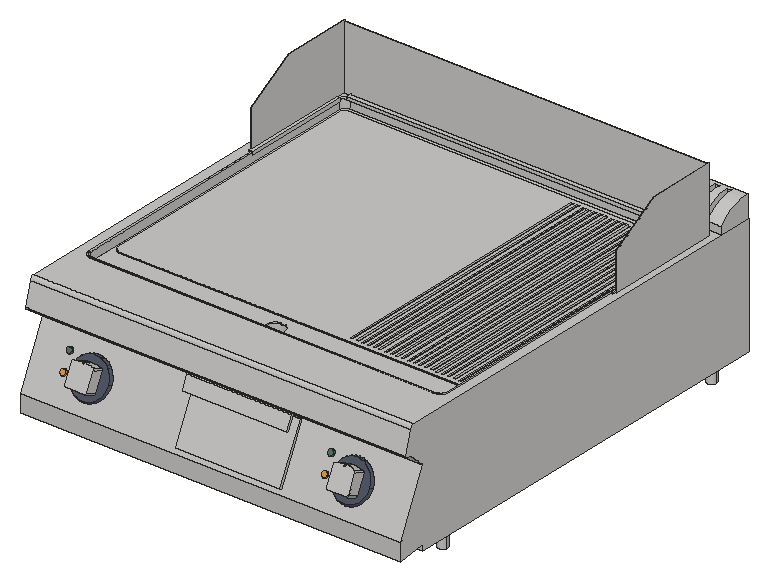
Revit family "QF_ZANUSSI_392358_Z9IIMDAOMEA", category Specialty Equipment, Revit 2018
Family settings
  Round Connector Dimension = Use Diameter
  Part Type = Normal
  Work Plane-Based = No
  Always vertical = Yes
  Cut with Voids When Loaded = No
  Shared = No
  Room Calculation Point = No
Parameters (values of type "Standard")
  Weight = 105.00 kg
  Watts = 0 W
  Volts = 380 V
  URL Manufacturer = "http://www.zanussiprofessional.com"
  URL = "http://www.zanussiprofessional.com"
  Steam Supply Size = 0"
  Steam Supply Minimum Pressure = 0.00 psi
  Steam Supply Maximum Pressure = 0.00 psi
  Steam Pounds per Hour = 0
  Show Logo [instance] = yes
  Show Clearance [instance] = yes
  Refrigeration Suction Line Size = 0"
  Refrigeration Liquid Line Size = 0"
  Refrigerant Compressor Remote = yes
  Phase = 3
  Model = "Z9IIMDAOMEA"
  Manufacturer = "Zanussi"
  Length Actual = 800 mm  # constant formula
  Item Number = "392358"
  Hot Water Size = 0"
  Height Actual = 250 mm  # constant formula
  HP = "20.1 HP"
  Gas Size = 0"
  Gas KW = 0
  Gas Input Pressure = 0.0 Btu/h
  Direct Waste Size = 0"
  Description = "ELECTRIC FRYTOP SMOOTH+RIBBED SLOPED 800MM-BRUSHED CHROME"
  Depth Actual = 900 mm  # constant formula
  Cycle = 60 Hz
  Condensate Return Size = 0"
  Compressed Air Volume = 0 GPM
  Compressed Air Size = 0"
  Compressed Air Pressure = 0.00 psi
  Cold Water Size = 0"
  Accessory = yes
Reference planes
  plane 1 "BACK": y = 0
  plane 2: z = 0
  plane 3 "LEFT": x = 0
  plane 4 "RIGHT": x = 800
  plane 5 "FRONT": y = -915
  plane 6 "TOP": z = 274
  plane 7 "Center Y": x = 400
  plane 8 "Center X": y = -457.5
  plane 9: y = -1045
  plane 10: z = 24
  plane 11: z = 290
  plane 12: z = 410
  plane 13: x = 11
  plane 14: x = 789
  plane 15: z = 900
Forms (mm)
  Extrusion 1, solid, material "QF_Finishes_Stainless Steel"
    sketch origin (0, 0, 626) x (0, 1, 0) y (0, 0, 1)
      loop
        line (0, 24) -> (0, 274) -> (-879.358, 274)
        arc (-879.358, 274) -> (-884.643, 271.811) -> (-886.833, 266.526) r 7.474
        line (-886.833, 266.526) -> (-899.884, 221.011)
        arc (-899.884, 221.011) -> (-899.396, 218.379) -> (-897, 217.184) r 3
        line (-897, 217.184) -> (-886.802, 217.184) -> (-854.982, 185.364) -> (-915, 64.508) -> (-915, 29.508) -> (-858.645, 37.428)
        arc (-858.645, 37.428) -> (-856.101, 36.674) -> (-855, 34.259) r 3.2
        line (-855, 34.259) -> (-855, 24) -> (0, 24)
    from 0 to 800
  Extrusion 2, solid, material "QF_Finishes_Stainless Steel"
    sketch origin (0, -1, 626) x (1, 0, 0) y (0, 1, 0)
      loop
        circle (11, -81) r 9.525
      loop
        circle (11, -789) r 9.525
      loop
        circle (789, -81) r 9.525
      loop
        circle (789, -789) r 9.525
    from 0 to 24
  Extrusion 3, solid, material "QF_Finishes_Stainless Steel"
    sketch origin (635, 190.152, 900) x (0, -1, 0) y (1, 0, 0)
      loop
        line (273.542, 147.97) -> (273.542, -617.97) -> (275.13, -617.97) -> (275.13, 147.97) -> (273.542, 147.97)
    from 0 to 135
  Extrusion 4, void
    sketch origin (0, 0, 900) x (0, -1, 0) y (1, 0, 0)
      loop
        arc (92.539, 37.03) -> (96.932, 26.423) -> (107.539, 22.03) r 15
        line (107.539, 22.03) -> (762.539, 22.03)
        arc (762.539, 22.03) -> (773.145, 26.423) -> (777.539, 37.03) r 15
        line (777.539, 37.03) -> (777.539, 762.97)
        arc (777.539, 762.97) -> (773.145, 773.577) -> (762.539, 777.97) r 15
        line (762.539, 777.97) -> (107.539, 777.97)
        arc (107.539, 777.97) -> (96.932, 773.577) -> (92.539, 762.97) r 15
        line (92.539, 762.97) -> (92.539, 37.03)
    from 0 to -21.588
  Sweep 5, solid, material "QF_Finishes_Stainless Steel"
    path origin (0, 0, 626) x (1, 0, 0) y (0, 1, 0)
      loop
        line (22.03, -107.539) -> (22.03, -762.539)
        arc (22.03, -762.539) -> (26.423, -773.145) -> (37.03, -777.539) r 15
        line (37.03, -777.539) -> (762.97, -777.539)
        arc (762.97, -777.539) -> (773.577, -773.145) -> (777.97, -762.539) r 15
        line (777.97, -762.539) -> (777.97, -107.539)
        arc (777.97, -107.539) -> (773.577, -96.932) -> (762.97, -92.539) r 15
        line (762.97, -92.539) -> (37.03, -92.539)
        arc (37.03, -92.539) -> (26.423, -96.932) -> (22.03, -107.539) r 15
    profile origin (22.03, -435.039, 626) x (1, 0, 0) y (0, 0, 1)
      loop
        line (0, 255) -> (1.588, 255) -> (1.588, 272.855)
        arc (1.588, 272.855) -> (1.147, 274.189) -> (0, 275) r 2.242
        line (0, 275) -> (0, 255)
  Extrusion 6, solid, material "QF_Finishes_Stainless Steel"
    sketch origin (0, 0, 626) x (1, 0, 0) y (0, 0, 1)
      loop
        line (17.03, 274.856) -> (23.926, 274.856) -> (23.926, 269.856) -> (25.514, 269.856) -> (25.514, 276.444) -> (17.03, 276.444) -> (17.03, 274.856)
      loop
        line (782.97, 274.856) -> (782.97, 276.444) -> (774.486, 276.444) -> (774.486, 269.856) -> (776.074, 269.856) -> (776.074, 274.856) -> (782.97, 274.856)
    from 105.541 to 335.39
  Extrusion 7, solid, material "QF_Finishes_Stainless Steel"
    sketch origin (0, 0, 626) x (0, 1, 0) y (0, 0, 1)
      loop
        line (-94.126, 269.856) -> (-94.126, 274.856) -> (-84.978, 274.856) -> (-84.978, 276.444) -> (-95.714, 276.444) -> (-95.714, 269.856) -> (-94.126, 269.856)
    from 32.03 to 767.97
  Extrusion 8, solid, material "QF_Finishes_Stainless Steel"
    sketch origin (0, 0, 650) x (-1, 0, 0) y (0, 1, 0)
      loop
        circle (-740, -584) r 6.35
    from 0 to 5
  Extrusion 9, solid, material "QF_Clearances", visible <- "Show Clearance", detail levels coarse
    sketch origin (0, 0, 626) x (1, 0, 0) y (0, 1, 0)
      loop
        line (0, 0) -> (800, 0) -> (800, -915) -> (900, -915) -> (900, 100) -> (-100, 100) -> (-100, -915) -> (0, -915) -> (0, 0)
    from 0 to 410
  Extrusion 10, solid, material "QF_Finishes_Stainless Steel"
    sketch origin (0, 0, 626) x (0, 1, 0) y (0, 0, 1)
      loop
        line (-777.539, 254) -> (-777.539, 252.413) -> (-92.539, 252.413) -> (-92.539, 254) -> (-777.539, 254)
    from 22.03 to 777.97
  Extrusion 11, void
    sketch origin (328.121, 0, 626) x (1, 0, 0) y (0, 1, 0)
      loop
        circle (71.879, -743.736) r 20
    from 235.859 to 256.719
  Extrusion 12, solid, material "QF_Finishes_Stainless Steel"
    sketch origin (0, 0, 626) x (0, 1, 0) y (0, 0, 1)
      loop
        line (-83.39, 410) -> (-227.89, 410) -> (-327.89, 352.265) -> (-327.89, 274) -> (-83.39, 274) -> (-83.39, 410)
    from 15.442 to 17.03
  Extrusion 13, solid, material "QF_Finishes_Stainless Steel"
    sketch origin (23.617, -107.539, 881) x (-1, 0, 0) y (0, 1, 0)
      loop
        arc (-18.413, -600) -> (-11.341, -597.071) -> (-8.413, -590) r 10
        line (-8.413, -590) -> (-8.413, -7.867)
        arc (-8.413, -7.867) -> (-11.341, -0.796) -> (-18.412, 2.133) r 10
        line (-18.412, 2.133) -> (-734.353, 2.133)
        arc (-734.353, 2.133) -> (-741.425, -0.796) -> (-744.353, -7.867) r 10
        line (-744.353, -7.867) -> (-744.353, -590)
        arc (-744.353, -590) -> (-741.425, -597.071) -> (-734.353, -600) r 10
        line (-734.353, -600) -> (-18.413, -600)
    from 0 to -2
  Extrusion 14, solid, material "QF_Finishes_Stainless Steel"
    sketch origin (800, 0, 626) x (0, 1, 0) y (0, 0, -1)
      loop
        line (-83.39, -410) -> (-83.39, -274) -> (-327.89, -274) -> (-327.89, -352.265) -> (-227.89, -410) -> (-83.39, -410)
    from 15.442 to 17.03
  Extrusion 15, solid, material "QF_Finishes_Stainless Steel"
    sketch origin (0, 0, 615.962) x (0, 1, 0) y (0, 0, 1)
      loop
        line (0, 284.038) -> (0, 331.354)
        arc (0, 331.354) -> (-38.768, 324.268) -> (-69.85, 300.038) r 82.671
        line (-69.85, 300.038) -> (-69.85, 284.038) -> (0, 284.038)
    from 0 to 400
  Extrusion 16, void
    sketch origin (0, 0, 890.6) x (0, -1, 0) y (1, 0, 0)
      loop
        line (6.761, 29.703) -> (63.911, 29.703) -> (63.911, 38.999) -> (6.761, 38.999) -> (6.761, 29.703)
      loop
        line (63.911, 64.487) -> (6.761, 64.487) -> (6.761, 55.191) -> (63.911, 55.191) -> (63.911, 64.487)
      loop
        line (63.911, 89.975) -> (6.761, 89.975) -> (6.761, 80.68) -> (63.911, 80.68) -> (63.911, 89.975)
      loop
        line (63.911, 115.464) -> (6.761, 115.464) -> (6.761, 106.168) -> (63.911, 106.168) -> (63.911, 115.464)
      loop
        line (63.911, 140.952) -> (6.761, 140.952) -> (6.761, 131.656) -> (63.911, 131.656) -> (63.911, 140.952)
      loop
        line (63.911, 166.44) -> (6.761, 166.44) -> (6.761, 157.145) -> (63.911, 157.145) -> (63.911, 166.44)
      loop
        line (63.911, 191.929) -> (6.761, 191.929) -> (6.761, 182.633) -> (63.911, 182.633) -> (63.911, 191.929)
      loop
        line (63.911, 217.417) -> (6.761, 217.417) -> (6.761, 208.121) -> (63.911, 208.121) -> (63.911, 217.417)
      loop
        line (63.911, 242.905) -> (6.761, 242.905) -> (6.761, 233.61) -> (63.911, 233.61) -> (63.911, 242.905)
      loop
        line (63.911, 268.394) -> (6.761, 268.394) -> (6.761, 259.098) -> (63.911, 259.098) -> (63.911, 268.394)
      loop
        line (63.911, 293.882) -> (6.761, 293.882) -> (6.761, 284.586) -> (63.911, 284.586) -> (63.911, 293.882)
      loop
        line (63.911, 319.37) -> (6.761, 319.37) -> (6.761, 310.075) -> (63.911, 310.075) -> (63.911, 319.37)
      loop
        line (63.911, 344.859) -> (6.761, 344.859) -> (6.761, 335.563) -> (63.911, 335.563) -> (63.911, 344.859)
      loop
        line (63.911, 370.347) -> (6.761, 370.347) -> (6.761, 361.051) -> (63.911, 361.051) -> (63.911, 370.347)
    from 25.4 to 63.5
  Extrusion 17, solid, material "QF_Finishes_Stainless Steel"
    sketch origin (800, 0, 615.962) x (0, 1, 0) y (0, 0, -1)
      loop
        line (0, -284.038) -> (-69.85, -284.038) -> (-69.85, -300.038)
        arc (-69.85, -300.038) -> (-38.626, -323.809) -> (0, -330.737) r 83.705
        line (0, -330.737) -> (0, -284.038)
    from 0 to 400
  Extrusion 18, void
    sketch origin (800, 0, 890.6) x (0, -1, 0) y (1, 0, 0)
      loop
        line (6.761, -29.703) -> (6.761, -38.999) -> (63.911, -38.999) -> (63.911, -29.703) -> (6.761, -29.703)
      loop
        line (63.911, -64.487) -> (63.911, -55.191) -> (6.761, -55.191) -> (6.761, -64.487) -> (63.911, -64.487)
      loop
        line (63.911, -89.975) -> (63.911, -80.68) -> (6.761, -80.68) -> (6.761, -89.975) -> (63.911, -89.975)
      loop
        line (63.911, -115.464) -> (63.911, -106.168) -> (6.761, -106.168) -> (6.761, -115.464) -> (63.911, -115.464)
      loop
        line (63.911, -140.952) -> (63.911, -131.656) -> (6.761, -131.656) -> (6.761, -140.952) -> (63.911, -140.952)
      loop
        line (63.911, -166.44) -> (63.911, -157.145) -> (6.761, -157.145) -> (6.761, -166.44) -> (63.911, -166.44)
      loop
        line (63.911, -191.929) -> (63.911, -182.633) -> (6.761, -182.633) -> (6.761, -191.929) -> (63.911, -191.929)
      loop
        line (63.911, -217.417) -> (63.911, -208.121) -> (6.761, -208.121) -> (6.761, -217.417) -> (63.911, -217.417)
      loop
        line (63.911, -242.905) -> (63.911, -233.61) -> (6.761, -233.61) -> (6.761, -242.905) -> (63.911, -242.905)
      loop
        line (63.911, -268.394) -> (63.911, -259.098) -> (6.761, -259.098) -> (6.761, -268.394) -> (63.911, -268.394)
      loop
        line (63.911, -293.882) -> (63.911, -284.586) -> (6.761, -284.586) -> (6.761, -293.882) -> (63.911, -293.882)
      loop
        line (63.911, -319.37) -> (63.911, -310.075) -> (6.761, -310.075) -> (6.761, -319.37) -> (63.911, -319.37)
      loop
        line (63.911, -344.859) -> (63.911, -335.563) -> (6.761, -335.563) -> (6.761, -344.859) -> (63.911, -344.859)
      loop
        line (63.911, -370.347) -> (63.911, -361.051) -> (6.761, -361.051) -> (6.761, -370.347) -> (63.911, -370.347)
    from 25.4 to 63.5
  Extrusion 19, solid, material "QF_Finishes_Stainless Steel"
    sketch origin (335, -214.132, 625.536) x (0, 1, 0) y (0, 0, 1)
      loop
        line (-640.85, 185.828) -> (-659.988, 204.966)
        arc (-659.988, 204.966) -> (-664.455, 206.368) -> (-668.159, 203.504) r 5.058
        line (-668.159, 203.504) -> (-680.821, 175.994) -> (-677.937, 174.666) -> (-665.275, 202.176)
        arc (-665.275, 202.176) -> (-663.896, 203.243) -> (-662.233, 202.721) r 1.883
        line (-662.233, 202.721) -> (-644.727, 185.215) -> (-698.248, 77.444) -> (-695.339, 76.105) -> (-640.85, 185.828)
    from -10 to 210
  Extrusion 20, solid, material "QF_Finishes_Drawer Clearance", visible <- "Show Clearance", detail levels coarse
    sketch origin (335, -315.732, 625.536) x (0, 1, 0) y (0, 0, 1)
      loop
        line (-726.36, 76.105) -> (-593.739, 76.105) -> (-539.25, 185.828) -> (-558.388, 204.966)
        arc (-558.388, 204.966) -> (-560.449, 206.215) -> (-562.855, 206.368) r 5.058
        line (-562.855, 206.368) -> (-695.476, 206.368)
        arc (-695.476, 206.368) -> (-697.679, 205.39) -> (-699.18, 203.504) r 5.058
        line (-699.18, 203.504) -> (-711.841, 175.994) -> (-708.957, 174.666) -> (-696.296, 202.176)
        arc (-696.296, 202.176) -> (-694.916, 203.243) -> (-693.253, 202.721) r 1.883
        line (-693.253, 202.721) -> (-675.748, 185.215) -> (-729.268, 77.444) -> (-726.36, 76.105)
    from -10 to 210
  Blend 21, solid, material "QF_Finishes_Navy Blue"
    base sketch origin (125, -884.991, 750.936) x (1, 0, 0) y (0, 0.444781, 0.895639)
      loop
        circle (0, 0) r 42.5
    top sketch origin (125, -884.991, 750.936) x (1, 0, 0) y (0, 0.444781, 0.895639)
      loop
        circle (0, 0) r 40.5
    from 0 to 5
  Extrusion 22, solid, material "QF_Finishes_Stainless Steel"
    sketch origin (125, -884.991, 750.936) x (1, 0, 0) y (0, 0.444781, 0.895639)
      loop
        arc (-21.147, 22.789) -> (-22.494, 21.685) -> (-23, 20.019) r 2.997
        line (-23, 20.019) -> (-23, -20.019)
        arc (-23, -20.019) -> (-22.122, -22.138) -> (-20.003, -23.016) r 2.997
        line (-20.003, -23.016) -> (20.003, -23.016)
        arc (20.003, -23.016) -> (22.122, -22.138) -> (23, -20.019) r 2.997
        line (23, -20.019) -> (23, 20.019)
        arc (23, 20.019) -> (22.494, 21.685) -> (21.147, 22.789) r 2.997
        arc (21.147, 22.789) -> (0, 26.984) -> (-21.147, 22.789) r 55.4
    from 10 to 34
  Extrusion 23, solid, material "QF_Finishes_Stainless Steel"
    sketch origin (125, -884.991, 750.936) x (1, 0, 0) y (0, 0.444781, 0.895639)
      loop
        line (17.5, 17.5) -> (-17.5, 17.5) -> (-17.5, -17.5) -> (17.5, -17.5) -> (17.5, 17.5)
    from 5 to 10
  Extrusion 24, solid, material "QF_Plastic-Black-Matte"
    sketch origin (67.5, -884.991, 750.936) x (0, 0.444781, 0.895639) y (0, 0.895639, -0.444781)
      loop
        line (26.984, -34) -> (23.984, -34) -> (23.984, -35) -> (26.984, -35)
        arc (26.984, -35) -> (27.691, -34.707) -> (27.984, -34) r 1
        line (27.984, -34) -> (27.984, -19) -> (26.984, -19) -> (26.984, -34)
    from -58.5 to -56.5
  Extrusion 25, solid, material "QF_Finishes_DarkGreen"
    sketch origin (125, -871.138, 778.831) x (1, 0, 0) y (0, 0.444781, 0.895639)
      loop
        circle (-55.001, 0) r 6
    from 0 to 1.6
  Extrusion 26, solid, material "QF_Finishes_Orange"
    sketch origin (125, -888.072, 744.733) x (1, 0, 0) y (0, 0.444781, 0.895639)
      loop
        circle (-55.001, 0) r 6
    from 0 to 1.6
  Blend 27, solid, material "QF_Finishes_Navy Blue"
    base sketch origin (675, -884.991, 750.936) x (1, 0, 0) y (0, 0.444781, 0.895639)
      loop
        circle (0, 0) r 42.5
    top sketch origin (675, -884.991, 750.936) x (1, 0, 0) y (0, 0.444781, 0.895639)
      loop
        circle (0, 0) r 40.5
    from 0 to 5
  Extrusion 28, solid, material "QF_Finishes_Stainless Steel"
    sketch origin (675, -884.991, 750.936) x (1, 0, 0) y (0, 0.444781, 0.895639)
      loop
        arc (-21.147, 22.789) -> (-22.494, 21.685) -> (-23, 20.019) r 2.997
        line (-23, 20.019) -> (-23, -20.019)
        arc (-23, -20.019) -> (-22.122, -22.138) -> (-20.003, -23.016) r 2.997
        line (-20.003, -23.016) -> (20.003, -23.016)
        arc (20.003, -23.016) -> (22.122, -22.138) -> (23, -20.019) r 2.997
        line (23, -20.019) -> (23, 20.019)
        arc (23, 20.019) -> (22.494, 21.685) -> (21.147, 22.789) r 2.997
        arc (21.147, 22.789) -> (0, 26.984) -> (-21.147, 22.789) r 55.4
    from 10 to 34
  Extrusion 29, solid, material "QF_Finishes_Stainless Steel"
    sketch origin (675, -884.991, 750.936) x (1, 0, 0) y (0, 0.444781, 0.895639)
      loop
        line (17.5, 17.5) -> (-17.5, 17.5) -> (-17.5, -17.5) -> (17.5, -17.5) -> (17.5, 17.5)
    from 5 to 10
  Extrusion 30, solid, material "QF_Plastic-Black-Matte"
    sketch origin (617.5, -884.991, 750.936) x (0, 0.444781, 0.895639) y (0, 0.895639, -0.444781)
      loop
        line (26.984, -34) -> (23.984, -34) -> (23.984, -35) -> (26.984, -35)
        arc (26.984, -35) -> (27.691, -34.707) -> (27.984, -34) r 1
        line (27.984, -34) -> (27.984, -19) -> (26.984, -19) -> (26.984, -34)
    from -58.5 to -56.5
  Extrusion 31, solid, material "QF_Finishes_DarkGreen"
    sketch origin (675, -871.138, 778.831) x (1, 0, 0) y (0, 0.444781, 0.895639)
      loop
        circle (-55.001, 0) r 6
    from 0 to 1.6
  Extrusion 32, solid, material "QF_Finishes_Orange"
    sketch origin (675, -888.072, 744.733) x (1, 0, 0) y (0, 0.444781, 0.895639)
      loop
        circle (-55.001, 0) r 6
    from 0 to 1.6
  Extrusion 33, void
    sketch origin (377.37, -686.406, 663.09) x (0, 0, 1) y (-1, 0, 0)
      loop
        line (219.91, -317) -> (219.91, -311) -> (217.91, -311.4) -> (217.91, -316.6) -> (219.91, -317)
      loop
        line (219.91, -305) -> (219.91, -299) -> (217.91, -299.4) -> (217.91, -304.6) -> (219.91, -305)
      loop
        line (219.91, -293) -> (219.91, -287) -> (217.91, -287.4) -> (217.91, -292.6) -> (219.91, -293)
      loop
        line (219.91, -281) -> (219.91, -275) -> (217.91, -275.4) -> (217.91, -280.6) -> (219.91, -281)
      loop
        line (219.91, -269) -> (219.91, -263) -> (217.91, -263.4) -> (217.91, -268.6) -> (219.91, -269)
      loop
        line (219.91, -257) -> (219.91, -251) -> (217.91, -251.4) -> (217.91, -256.6) -> (219.91, -257)
      loop
        line (219.91, -245) -> (219.91, -239) -> (217.91, -239.4) -> (217.91, -244.6) -> (219.91, -245)
      loop
        line (219.91, -233) -> (219.91, -227) -> (217.91, -227.4) -> (217.91, -232.6) -> (219.91, -233)
      loop
        line (219.91, -377) -> (219.91, -371) -> (217.91, -371.4) -> (217.91, -376.6) -> (219.91, -377)
      loop
        line (219.91, -341) -> (219.91, -335) -> (217.91, -335.4) -> (217.91, -340.6) -> (219.91, -341)
      loop
        line (219.91, -329) -> (219.91, -323) -> (217.91, -323.4) -> (217.91, -328.6) -> (219.91, -329)
      loop
        line (219.91, -389) -> (219.91, -383) -> (217.91, -383.4) -> (217.91, -388.6) -> (219.91, -389)
      loop
        line (219.91, -353) -> (219.91, -347) -> (217.91, -347.4) -> (217.91, -352.6) -> (219.91, -353)
      loop
        line (219.91, -365) -> (219.91, -359) -> (217.91, -359.4) -> (217.91, -364.6) -> (219.91, -365)
      loop
        line (219.91, -221) -> (219.91, -215) -> (217.91, -215.4) -> (217.91, -220.6) -> (219.91, -221)
      loop
        line (219.91, -209) -> (219.91, -203) -> (217.91, -203.4) -> (217.91, -208.6) -> (219.91, -209)
      loop
        line (219.91, -197) -> (219.91, -191) -> (217.91, -191.4) -> (217.91, -196.6) -> (219.91, -197)
      loop
        line (219.91, -185) -> (219.91, -179) -> (217.91, -179.4) -> (217.91, -184.6) -> (219.91, -185)
      loop
        line (219.91, -173) -> (219.91, -167) -> (217.91, -167.4) -> (217.91, -172.6) -> (219.91, -173)
      loop
        line (219.91, -161) -> (219.91, -155) -> (217.91, -155.4) -> (217.91, -160.6) -> (219.91, -161)
      loop
        line (219.91, -149) -> (219.91, -143) -> (217.91, -143.4) -> (217.91, -148.6) -> (219.91, -149)
    from 10 to -570
Cuts and joins
  Extrusion 4, Extrusion 11 cuts Extrusion 1
  Extrusion 11 cuts Extrusion 10
  joined: Extrusion 3, Extrusion 12, Extrusion 14
  Extrusion 16, Extrusion 18 cuts Extrusion 15
  Extrusion 18 cuts Extrusion 17
  Extrusion 33 cuts Extrusion 13
Lines and regions (mm)
  Split face 1
    outline origin (125, -889.469, 753.16) x (1, 0, 0) y (0, 0.444781, 0.895639)
      loop
        circle (-34, 0) r 1.5
  Split face 2
    outline origin (125, -889.469, 753.16) x (1, 0, 0) y (0, 0.444781, 0.895639)
      loop
        circle (-30.633, -14.752) r 1.5
  Split face 3
    outline origin (125, -889.469, 753.16) x (1, 0, 0) y (0, 0.444781, 0.895639)
      loop
        circle (-21.199, -26.582) r 1.5
  Split face 4
    outline origin (125, -889.469, 753.16) x (1, 0, 0) y (0, 0.444781, 0.895639)
      loop
        circle (-7.566, -33.148) r 1.5
  Split face 5
    outline origin (125, -889.469, 753.16) x (1, 0, 0) y (0, 0.444781, 0.895639)
      loop
        circle (7.566, -33.148) r 1.5
  Split face 6
    outline origin (125, -889.469, 753.16) x (1, 0, 0) y (0, 0.444781, 0.895639)
      loop
        circle (21.199, -26.582) r 1.5
  Split face 7
    outline origin (125, -889.469, 753.16) x (1, 0, 0) y (0, 0.444781, 0.895639)
      loop
        circle (30.633, -14.752) r 1.5
  Split face 8
    outline origin (125, -889.469, 753.16) x (1, 0, 0) y (0, 0.444781, 0.895639)
      loop
        circle (34, 0) r 1.5
  Split face 9
    outline origin (146.665, -886.175, 759.794) x (1, 0, 0) y (0, 0.444781, 0.895639)
      loop
        circle (-21.665, 26.582) r 1.5
  Split face 10
    outline origin (675, -889.469, 753.16) x (1, 0, 0) y (0, 0.444781, 0.895639)
      loop
        circle (-34, 0) r 1.5
  Split face 11
    outline origin (675, -889.469, 753.16) x (1, 0, 0) y (0, 0.444781, 0.895639)
      loop
        circle (-30.633, -14.752) r 1.5
  Split face 12
    outline origin (675, -889.469, 753.16) x (1, 0, 0) y (0, 0.444781, 0.895639)
      loop
        circle (-21.199, -26.582) r 1.5
  Split face 13
    outline origin (675, -889.469, 753.16) x (1, 0, 0) y (0, 0.444781, 0.895639)
      loop
        circle (-7.566, -33.148) r 1.5
  Split face 14
    outline origin (675, -889.469, 753.16) x (1, 0, 0) y (0, 0.444781, 0.895639)
      loop
        circle (7.566, -33.148) r 1.5
  Split face 15
    outline origin (675, -889.469, 753.16) x (1, 0, 0) y (0, 0.444781, 0.895639)
      loop
        circle (21.199, -26.582) r 1.5
  Split face 16
    outline origin (675, -889.469, 753.16) x (1, 0, 0) y (0, 0.444781, 0.895639)
      loop
        circle (30.633, -14.752) r 1.5
  Split face 17
    outline origin (675, -889.469, 753.16) x (1, 0, 0) y (0, 0.444781, 0.895639)
      loop
        circle (34, 0) r 1.5
  Split face 18
    outline origin (696.665, -886.175, 759.794) x (1, 0, 0) y (0, 0.444781, 0.895639)
      loop
        circle (-21.665, 26.582) r 1.5
  symbolic lines, style "QF_Clearances", visible <- "Show Clearance", detail levels coarse
    curve 1: line (900, -915, 0) -> (900, 100, 0)
    curve 2: line (900, 100, 0) -> (-100, 100, 0)
    curve 3: line (-100, 100, 0) -> (-100, -915, 0)
  symbolic lines, style "QF_Door-Drawer Clearances"
    curve 4: line (325, -915, 0) -> (325, -1045, 0)
    curve 5: line (325, -1045, 0) -> (545, -1045, 0)
    curve 6: line (545, -915, 0) -> (545, -1045, 0)
  symbolic lines
    curve 7: line (800, -915, 0) -> (800, 0, 0)
    curve 8: line (800, 0, 0) -> (0, 0, 0)
    curve 9: line (0, 0, 0) -> (0, -915, 0)
    curve 10: line (762.97, -777.539, 0) -> (37.03, -777.539, 0)
    curve 11: arc (37.03, -777.539, 0) -> (26.423, -773.145, 0) -> (22.03, -762.539, 0) r 15
    curve 12: line (22.03, -762.539, 0) -> (22.03, -327.89, 0)
    curve 13: arc (22.163, -105.541, 0) -> (25.387, -98.081, 0) -> (32.03, -93.397, 0) r 15
    curve 14: arc (767.97, -93.397, 0) -> (774.613, -98.081, 0) -> (777.837, -105.541, 0) r 15
    curve 15: line (777.97, -327.89, 0) -> (777.97, -762.539, 0)
    curve 16: arc (777.97, -762.539, 0) -> (773.577, -773.145, 0) -> (762.97, -777.539, 0) r 15
    curve 17: line (757.97, -707.539, 0) -> (42.03, -707.539, 0)
    curve 18: arc (42.03, -707.539, 0) -> (34.958, -704.61, 0) -> (32.03, -697.539, 0) r 10
    curve 19: line (32.03, -697.539, 0) -> (32.03, -115.406, 0)
    curve 20: arc (32.03, -115.406, 0) -> (34.958, -108.335, 0) -> (42.03, -105.406, 0) r 10
    curve 21: line (42.03, -105.406, 0) -> (757.97, -105.406, 0)
    curve 22: arc (757.97, -105.406, 0) -> (765.042, -108.335, 0) -> (767.97, -115.406, 0) r 10
    curve 23: line (767.97, -115.406, 0) -> (767.97, -697.539, 0)
    curve 24: arc (767.97, -697.539, 0) -> (765.042, -704.61, 0) -> (757.97, -707.539, 0) r 10
    curve 25: line (15.442, -83.39, 0) -> (15.442, -327.89, 0)
    curve 26: line (784.558, -83.39, 0) -> (15.442, -83.39, 0)
    curve 27: line (784.558, -327.89, 0) -> (784.558, -83.39, 0)
    curve 28: line (767.97, -95.714, 0) -> (767.97, -83.39, 0)
    curve 29: line (32.03, -95.714, 0) -> (767.97, -95.714, 0)
    curve 30: line (32.03, -83.39, 0) -> (32.03, -95.714, 0)
    curve 31: line (784.558, -105.541, 0) -> (774.486, -105.541, 0)
    curve 32: line (25.514, -327.89, 0) -> (25.514, -105.541, 0)
    curve 33: line (15.442, -327.89, 0) -> (25.514, -327.89, 0)
    curve 34: line (774.486, -105.541, 0) -> (774.486, -327.89, 0)
    curve 35: line (774.486, -327.89, 0) -> (784.558, -327.89, 0)
    curve 36: line (25.514, -105.541, 0) -> (15.442, -105.541, 0)
    curve 37: line (38.999, -6.761, 0) -> (38.999, -63.911, 0)
    curve 38: line (38.999, -63.911, 0) -> (29.703, -63.911, 0)
    curve 39: line (29.703, -63.911, 0) -> (29.703, -6.761, 0)
    curve 40: line (29.703, -6.761, 0) -> (38.999, -6.761, 0)
    curve 41: line (55.191, -63.911, 0) -> (55.191, -6.761, 0)
    curve 42: line (55.191, -6.761, 0) -> (64.487, -6.761, 0)
    curve 43: line (64.487, -6.761, 0) -> (64.487, -63.911, 0)
    curve 44: line (64.487, -63.911, 0) -> (55.191, -63.911, 0)
    curve 45: line (89.975, -6.761, 0) -> (89.975, -63.911, 0)
    curve 46: line (89.975, -63.911, 0) -> (80.68, -63.911, 0)
    curve 47: line (80.68, -63.911, 0) -> (80.68, -6.761, 0)
    curve 48: line (80.68, -6.761, 0) -> (89.975, -6.761, 0)
    curve 49: line (115.464, -6.761, 0) -> (115.464, -63.911, 0)
    curve 50: line (115.464, -63.911, 0) -> (106.168, -63.911, 0)
    curve 51: line (106.168, -63.911, 0) -> (106.168, -6.761, 0)
    curve 52: line (106.168, -6.761, 0) -> (115.464, -6.761, 0)
    curve 53: line (140.952, -6.761, 0) -> (140.952, -63.911, 0)
    curve 54: line (140.952, -63.911, 0) -> (131.656, -63.911, 0)
    curve 55: line (131.656, -63.911, 0) -> (131.656, -6.761, 0)
    curve 56: line (131.656, -6.761, 0) -> (140.952, -6.761, 0)
    curve 57: line (166.44, -6.761, 0) -> (166.44, -63.911, 0)
    curve 58: line (166.44, -63.911, 0) -> (157.145, -63.911, 0)
    curve 59: line (157.145, -63.911, 0) -> (157.145, -6.761, 0)
    curve 60: line (157.145, -6.761, 0) -> (166.44, -6.761, 0)
    curve 61: line (191.929, -6.761, 0) -> (191.929, -63.911, 0)
    curve 62: line (191.929, -63.911, 0) -> (182.633, -63.911, 0)
    curve 63: line (182.633, -63.911, 0) -> (182.633, -6.761, 0)
    curve 64: line (182.633, -6.761, 0) -> (191.929, -6.761, 0)
    curve 65: line (208.121, -63.911, 0) -> (208.121, -6.761, 0)
    curve 66: line (208.121, -6.761, 0) -> (217.417, -6.761, 0)
    curve 67: line (217.417, -6.761, 0) -> (217.417, -63.911, 0)
    curve 68: line (217.417, -63.911, 0) -> (208.121, -63.911, 0)
    curve 69: line (767.97, -83.39, 0) -> (767.97, -95.714, 0)
    curve 70: line (361.001, -6.761, 0) -> (361.001, -63.911, 0)
    curve 71: line (361.001, -63.911, 0) -> (370.297, -63.911, 0)
    curve 72: line (370.297, -63.911, 0) -> (370.297, -6.761, 0)
    curve 73: line (370.297, -6.761, 0) -> (361.001, -6.761, 0)
    curve 74: line (344.809, -63.911, 0) -> (344.809, -6.761, 0)
    curve 75: line (344.809, -6.761, 0) -> (335.513, -6.761, 0)
    curve 76: line (335.513, -6.761, 0) -> (335.513, -63.911, 0)
    curve 77: line (335.513, -63.911, 0) -> (344.809, -63.911, 0)
    curve 78: line (310.025, -6.761, 0) -> (310.025, -63.911, 0)
    curve 79: line (310.025, -63.911, 0) -> (319.32, -63.911, 0)
    curve 80: line (319.32, -63.911, 0) -> (319.32, -6.761, 0)
    curve 81: line (319.32, -6.761, 0) -> (310.025, -6.761, 0)
    curve 82: line (284.536, -6.761, 0) -> (284.536, -63.911, 0)
    curve 83: line (284.536, -63.911, 0) -> (293.832, -63.911, 0)
    curve 84: line (293.832, -63.911, 0) -> (293.832, -6.761, 0)
    curve 85: line (293.832, -6.761, 0) -> (284.536, -6.761, 0)
    curve 86: line (259.048, -6.761, 0) -> (259.048, -63.911, 0)
    curve 87: line (259.048, -63.911, 0) -> (268.344, -63.911, 0)
    curve 88: line (268.344, -63.911, 0) -> (268.344, -6.761, 0)
    curve 89: line (268.344, -6.761, 0) -> (259.048, -6.761, 0)
    curve 90: line (233.56, -6.761, 0) -> (233.56, -63.911, 0)
    curve 91: line (233.56, -63.911, 0) -> (242.855, -63.911, 0)
    curve 92: line (242.855, -63.911, 0) -> (242.855, -6.761, 0)
    curve 93: line (242.855, -6.761, 0) -> (233.56, -6.761, 0)
    curve 94: arc (380, -743.736, 0) -> (400, -723.736, 0) -> (420, -743.736, 0) r 20
    curve 95: arc (380, -743.736, 0) -> (400, -763.736, 0) -> (420, -743.736, 0) r 20
    curve 96: arc (777.837, -105.541, 0) -> (774.613, -98.081, 0) -> (767.97, -93.397, 0) r 15
    curve 97: arc (767.97, -115.406, 0) -> (765.042, -108.335, 0) -> (757.97, -105.406, 0) r 10
    curve 98: line (767.97, -83.39, 0) -> (767.97, -95.714, 0)
    curve 99: line (761.001, -6.761, 0) -> (761.001, -63.911, 0)
    curve 100: line (761.001, -63.911, 0) -> (770.297, -63.911, 0)
    curve 101: line (770.297, -63.911, 0) -> (770.297, -6.761, 0)
    curve 102: line (770.297, -6.761, 0) -> (761.001, -6.761, 0)
    curve 103: line (744.809, -63.911, 0) -> (744.809, -6.761, 0)
    curve 104: line (744.809, -6.761, 0) -> (735.513, -6.761, 0)
    curve 105: line (735.513, -6.761, 0) -> (735.513, -63.911, 0)
    curve 106: line (735.513, -63.911, 0) -> (744.809, -63.911, 0)
    curve 107: line (710.025, -6.761, 0) -> (710.025, -63.911, 0)
    curve 108: line (710.025, -63.911, 0) -> (719.32, -63.911, 0)
    curve 109: line (719.32, -63.911, 0) -> (719.32, -6.761, 0)
    curve 110: line (719.32, -6.761, 0) -> (710.025, -6.761, 0)
    curve 111: line (684.536, -6.761, 0) -> (684.536, -63.911, 0)
    curve 112: line (684.536, -63.911, 0) -> (693.832, -63.911, 0)
    curve 113: line (693.832, -63.911, 0) -> (693.832, -6.761, 0)
    curve 114: line (693.832, -6.761, 0) -> (684.536, -6.761, 0)
    curve 115: line (659.048, -6.761, 0) -> (659.048, -63.911, 0)
    curve 116: line (659.048, -63.911, 0) -> (668.344, -63.911, 0)
    curve 117: line (668.344, -63.911, 0) -> (668.344, -6.761, 0)
    curve 118: line (668.344, -6.761, 0) -> (659.048, -6.761, 0)
    curve 119: line (633.56, -6.761, 0) -> (633.56, -63.911, 0)
    curve 120: line (633.56, -63.911, 0) -> (642.855, -63.911, 0)
    curve 121: line (642.855, -63.911, 0) -> (642.855, -6.761, 0)
    curve 122: line (642.855, -6.761, 0) -> (633.56, -6.761, 0)
    curve 123: line (608.071, -6.761, 0) -> (608.071, -63.911, 0)
    curve 124: line (608.071, -63.911, 0) -> (617.367, -63.911, 0)
    curve 125: line (617.367, -63.911, 0) -> (617.367, -6.761, 0)
    curve 126: line (617.367, -6.761, 0) -> (608.071, -6.761, 0)
    curve 127: line (591.879, -63.911, 0) -> (591.879, -6.761, 0)
    curve 128: line (591.879, -6.761, 0) -> (582.583, -6.761, 0)
    curve 129: line (582.583, -6.761, 0) -> (582.583, -63.911, 0)
    curve 130: line (582.583, -63.911, 0) -> (591.879, -63.911, 0)
    curve 131: line (438.999, -6.761, 0) -> (438.999, -63.911, 0)
    curve 132: line (438.999, -63.911, 0) -> (429.703, -63.911, 0)
    curve 133: line (429.703, -63.911, 0) -> (429.703, -6.761, 0)
    curve 134: line (429.703, -6.761, 0) -> (438.999, -6.761, 0)
    curve 135: line (455.191, -63.911, 0) -> (455.191, -6.761, 0)
    curve 136: line (455.191, -6.761, 0) -> (464.487, -6.761, 0)
    curve 137: line (464.487, -6.761, 0) -> (464.487, -63.911, 0)
    curve 138: line (464.487, -63.911, 0) -> (455.191, -63.911, 0)
    curve 139: line (489.975, -6.761, 0) -> (489.975, -63.911, 0)
    curve 140: line (489.975, -63.911, 0) -> (480.68, -63.911, 0)
    curve 141: line (480.68, -63.911, 0) -> (480.68, -6.761, 0)
    curve 142: line (480.68, -6.761, 0) -> (489.975, -6.761, 0)
    curve 143: line (515.464, -6.761, 0) -> (515.464, -63.911, 0)
    curve 144: line (515.464, -63.911, 0) -> (506.168, -63.911, 0)
    curve 145: line (506.168, -63.911, 0) -> (506.168, -6.761, 0)
    curve 146: line (506.168, -6.761, 0) -> (515.464, -6.761, 0)
    curve 147: line (540.952, -6.761, 0) -> (540.952, -63.911, 0)
    curve 148: line (540.952, -63.911, 0) -> (531.656, -63.911, 0)
    curve 149: line (531.656, -63.911, 0) -> (531.656, -6.761, 0)
    curve 150: line (531.656, -6.761, 0) -> (540.952, -6.761, 0)
    curve 151: line (566.44, -6.761, 0) -> (566.44, -63.911, 0)
    curve 152: line (566.44, -63.911, 0) -> (557.145, -63.911, 0)
    curve 153: line (557.145, -63.911, 0) -> (557.145, -6.761, 0)
    curve 154: line (557.145, -6.761, 0) -> (566.44, -6.761, 0)
    curve 155: line (0, -69.85, 0) -> (800, -69.85, 0)
    curve 156: line (400, -69.85, 0) -> (400, 0, 0)
    curve 157: line (0, -900, 0) -> (800, -900, 0)
    curve 158: line (102, -900, 0) -> (102, -924.347, 0)
    curve 159: arc (102, -924.347, 0) -> (102.146, -924.811, 0) -> (102.532, -925.107, 0) r 0.809
    curve 160: arc (102.532, -925.107, 0) -> (103.72, -925.587, 0) -> (104.997, -925.68, 0) r 4.127
    curve 161: arc (102, -904.292, 0) -> (96.959, -902.458, 0) -> (92.191, -900, 0) r 42.24
    curve 162: arc (102, -906.539, 0) -> (102.502, -905.818, 0) -> (103.299, -905.448, 0) r 1.682
    curve 163: arc (103.299, -905.448, 0) -> (113.602, -903.95, 0) -> (124, -903.441, 0) r 109.079
    curve 164: line (124, -900, 0) -> (124, -905.671, 0)
    curve 165: line (124, -905.671, 0) -> (126, -905.671, 0)
    curve 166: line (126, -905.671, 0) -> (126, -900, 0)
    curve 167: line (148, -900, 0) -> (148, -924.347, 0)
    curve 168: arc (148, -924.347, 0) -> (147.854, -924.811, 0) -> (147.468, -925.107, 0) r 0.809
    curve 169: arc (147.468, -925.107, 0) -> (146.28, -925.587, 0) -> (145.003, -925.68, 0) r 4.127
    curve 170: arc (148, -904.292, 0) -> (153.041, -902.458, 0) -> (157.809, -900, 0) r 42.24
    curve 171: arc (148, -906.539, 0) -> (147.498, -905.818, 0) -> (146.701, -905.448, 0) r 1.682
    curve 172: arc (146.701, -905.448, 0) -> (136.398, -903.95, 0) -> (126, -903.441, 0) r 109.079
    curve 173: line (104.997, -925.68, 0) -> (145.003, -925.68, 0)
    curve 174: line (698, -900, 0) -> (698, -924.347, 0)
    curve 175: arc (698, -924.347, 0) -> (697.854, -924.811, 0) -> (697.468, -925.107, 0) r 0.809
    curve 176: arc (697.468, -925.107, 0) -> (696.28, -925.587, 0) -> (695.003, -925.68, 0) r 4.127
    curve 177: arc (698, -904.292, 0) -> (703.041, -902.458, 0) -> (707.809, -900, 0) r 42.24
    curve 178: arc (698, -906.539, 0) -> (697.498, -905.818, 0) -> (696.701, -905.448, 0) r 1.682
    curve 179: arc (696.701, -905.448, 0) -> (686.398, -903.95, 0) -> (676, -903.441, 0) r 109.079
    curve 180: line (676, -900, 0) -> (676, -905.671, 0)
    curve 181: line (676, -905.671, 0) -> (674, -905.671, 0)
    curve 182: line (674, -905.671, 0) -> (674, -900, 0)
    curve 183: line (652, -900, 0) -> (652, -924.347, 0)
    curve 184: arc (652, -924.347, 0) -> (652.146, -924.811, 0) -> (652.532, -925.107, 0) r 0.809
    curve 185: arc (652.532, -925.107, 0) -> (653.72, -925.587, 0) -> (654.997, -925.68, 0) r 4.127
    curve 186: arc (652, -904.292, 0) -> (646.959, -902.458, 0) -> (642.191, -900, 0) r 42.24
    curve 187: arc (652, -906.539, 0) -> (652.502, -905.818, 0) -> (653.299, -905.448, 0) r 1.682
    curve 188: arc (653.299, -905.448, 0) -> (663.602, -903.95, 0) -> (674, -903.441, 0) r 109.079
    curve 189: line (695.003, -925.68, 0) -> (654.997, -925.68, 0)
    curve 190: line (148, -915, 0) -> (325, -915, 0)
    curve 191: line (698, -915, 0) -> (800, -915, 0)
    curve 192: line (0, -915, 0) -> (102, -915, 0)
    curve 193: line (545, -915, 0) -> (652, -915, 0)
    curve 194: line (545, -915, 0) -> (325, -915, 0)
    curve 195: line (325, -900, 0) -> (325, -915, 0)
    curve 196: line (545, -900, 0) -> (545, -915, 0)
    curve 197: line (532.37, -696.406, 0) -> (532.37, -116.406, 0)
    curve 198: line (538.37, -116.406, 0) -> (538.37, -696.406, 0)
    curve 199: line (544.37, -696.406, 0) -> (544.37, -116.406, 0)
    curve 200: line (550.37, -116.406, 0) -> (550.37, -696.406, 0)
    curve 201: line (556.37, -696.406, 0) -> (556.37, -116.406, 0)
    curve 202: line (562.37, -116.406, 0) -> (562.37, -696.406, 0)
    curve 203: line (568.37, -696.406, 0) -> (568.37, -116.406, 0)
    curve 204: line (574.37, -116.406, 0) -> (574.37, -696.406, 0)
    curve 205: line (580.37, -696.406, 0) -> (580.37, -116.406, 0)
    curve 206: line (586.37, -116.406, 0) -> (586.37, -696.406, 0)
    curve 207: line (592.37, -696.406, 0) -> (592.37, -116.406, 0)
    curve 208: line (598.37, -116.406, 0) -> (598.37, -696.406, 0)
    curve 209: line (604.37, -696.406, 0) -> (604.37, -116.406, 0)
    curve 210: line (610.37, -116.406, 0) -> (610.37, -696.406, 0)
    curve 211: line (616.37, -696.406, 0) -> (616.37, -116.406, 0)
    curve 212: line (622.37, -116.406, 0) -> (622.37, -696.406, 0)
    curve 213: line (628.37, -696.406, 0) -> (628.37, -116.406, 0)
    curve 214: line (634.37, -116.406, 0) -> (634.37, -696.406, 0)
    curve 215: line (640.37, -696.406, 0) -> (640.37, -116.406, 0)
    curve 216: line (646.37, -116.406, 0) -> (646.37, -696.406, 0)
    curve 217: line (652.37, -696.406, 0) -> (652.37, -116.406, 0)
    curve 218: line (658.37, -116.406, 0) -> (658.37, -696.406, 0)
    curve 219: line (664.37, -696.406, 0) -> (664.37, -116.406, 0)
    curve 220: line (670.37, -116.406, 0) -> (670.37, -696.406, 0)
    curve 221: line (676.37, -696.406, 0) -> (676.37, -116.406, 0)
    curve 222: line (682.37, -116.406, 0) -> (682.37, -696.406, 0)
    curve 223: line (688.37, -696.406, 0) -> (688.37, -116.406, 0)
    curve 224: line (694.37, -116.406, 0) -> (694.37, -696.406, 0)
    curve 225: line (700.37, -696.406, 0) -> (700.37, -116.406, 0)
    curve 226: line (706.37, -116.406, 0) -> (706.37, -696.406, 0)
    curve 227: line (712.37, -696.406, 0) -> (712.37, -116.406, 0)
    curve 228: line (718.37, -116.406, 0) -> (718.37, -696.406, 0)
    curve 229: line (724.37, -696.406, 0) -> (724.37, -116.406, 0)
    curve 230: line (730.37, -116.406, 0) -> (730.37, -696.406, 0)
    curve 231: line (736.37, -696.406, 0) -> (736.37, -116.406, 0)
    curve 232: line (742.37, -116.406, 0) -> (742.37, -696.406, 0)
    curve 233: line (748.37, -696.406, 0) -> (748.37, -116.406, 0)
    curve 234: line (754.37, -116.406, 0) -> (754.37, -696.406, 0)
    curve 235: line (760.37, -696.406, 0) -> (760.37, -116.406, 0)
    curve 236: line (766.37, -116.406, 0) -> (766.37, -696.406, 0)
    curve 237: line (526.37, -116.406, 0) -> (526.37, -696.406, 0)
    curve 238: line (520.37, -696.406, 0) -> (520.37, -116.406, 0)
  symbolic lines, style "QF_Clearances"
    curve 239: line (-100, -915, 0) -> (0, -915, 0)
    curve 240: line (800, -915, 0) -> (900, -915, 0)
Dimensions and locks
  equal spacing: plane 3 "LEFT", plane 7 "Center Y", plane 4 "RIGHT"
  plane 3 "LEFT" to plane 4 "RIGHT" = 800 mm
  equal spacing: plane 5 "FRONT", plane 8 "Center X", plane 1 "BACK"
  plane 5 "FRONT" to plane 1 "BACK" = 915 mm
  plane 6 "TOP" to plane 10 = 250 mm  (x3)
  plane 1 "BACK" to plane 9 = 1045 mm  (x2)
  plane 10 to level = 24 mm  (x2)
  plane 11 to plane 10 = 266 mm
  plane 12 to level = 410 mm  (x2)
  plane 12 to plane 10 = 386 mm
  plane 13 to plane 3 "LEFT" = 11 mm
  locked: plane 14 to plane 4 "RIGHT" at 11
  plane 1 "BACK" to plane 5 "FRONT" = 915 mm
  plane 10 to Extrusion 8 = 621 mm
  plane 1 "BACK" to Extrusion 8 = 584 mm
  plane 1 "BACK" to Extrusion 2 to Extrusion 2 to plane 5 "FRONT" = 82 mm, 708 mm, 125 mm
  plane 13 to plane 14 = 778 mm
  Extrusion 8 sketch curve to plane 4 "RIGHT" = 60 mm
  Extrusion 8 sketch curve to plane 1 "BACK" = 584 mm
  plane 15 to level = 900 mm
  plane 1 "BACK" to cut or joined group of Extrusion 1, Extrusion 4, Extrusion 11 = 900 mm
  aligned and locked: level to plane 2
  aligned and locked: Extrusion 1 to plane 4 "RIGHT"
Automatic sketch dimensions
  Extrusion 1 sketch curve to plane 5 "FRONT" = 0 mm
  plane 6 "TOP" to Extrusion 1 sketch curve = 626 mm
  plane 10 to Extrusion 1 sketch curve = 626 mm
  Extrusion 1 sketch curve to plane 1 "BACK" = 0 mm
  Extrusion 1 sketch curve to plane 5 "FRONT" = 15.116 mm
  Extrusion 1 sketch curve to Extrusion 1 sketch curve = 2.884 mm
  plane 6 "TOP" to Extrusion 1 sketch curve = 618.526 mm
  Extrusion 1 sketch curve to plane 5 "FRONT" = 28.167 mm
  Extrusion 1 sketch curve to Extrusion 1 sketch curve = 10.198 mm
  plane 10 to Extrusion 1 sketch curve = 639.428 mm
  Extrusion 1 sketch curve to plane 5 "FRONT" = 56.355 mm
  Extrusion 1 sketch curve to Extrusion 1 sketch curve = 0.445 mm
  Extrusion 1 sketch curve to Extrusion 1 sketch curve = 3.2 mm
  Extrusion 1 sketch curve to Extrusion 1 sketch curve = 31.82 mm  (x2)
  plane 10 to Extrusion 1 sketch curve = 631.508 mm
  Extrusion 1 sketch curve to Extrusion 1 sketch curve = 35 mm
  Extrusion 1 sketch curve to Extrusion 1 sketch curve = 81.162 mm
  Extrusion 1 sketch curve to Extrusion 1 sketch curve = 3 mm
  Extrusion 2 sketch curve to plane 13 = 0 mm  (x2)
  Extrusion 2 sketch curve to plane 14 = 0 mm  (x2)
  Extrusion 2 sketch curve to plane 5 "FRONT" = 125 mm  (x2)
  plane 1 "BACK" to Extrusion 2 sketch curve = 82 mm  (x2)
  plane 13 to Extrusion 3 sketch curve = 6.03 mm
  plane 1 "BACK" to Extrusion 3 sketch curve = 83.39 mm
  Extrusion 3 sketch curve to Extrusion 3 sketch curve = 1.588 mm
  plane 14 to Extrusion 3 sketch curve = 6.03 mm
  plane 13 to Extrusion 4 sketch curve = 26.03 mm
  plane 1 "BACK" to Extrusion 4 sketch curve = 92.539 mm
  plane 14 to Extrusion 4 sketch curve = 11.03 mm
  Extrusion 4 sketch curve to Extrusion 4 sketch curve = 15 mm  (x3)
  Extrusion 4 sketch curve to plane 5 "FRONT" = 152.461 mm  (x2)
  plane 13 to Sweep 5 sketch curve = 11.03 mm
  Sweep 5 sketch curve to Sweep 5 sketch curve = 15 mm  (x2)
  plane 14 to Sweep 5 sketch curve = 26.03 mm  (x2)
  plane 14 to Sweep 5 sketch curve = 11.03 mm
  Sweep 5 sketch curve to plane 5 "FRONT" = 137.461 mm
  plane 1 "BACK" to Sweep 5 sketch curve = 107.539 mm
  profile plane to Sweep 5 sketch curve = 0 mm
  profile plane to Sweep 5 sketch curve = 0.655 mm
  Sweep 5 sketch curve to profile plane = 1.588 mm
  level to Sweep 5 sketch curve = 881 mm
  Sweep 5 sketch curve to Sweep 5 sketch curve = 17.855 mm
  plane 6 "TOP" to Extrusion 6 sketch curve = 626.856 mm  (x2)
  plane 13 to Extrusion 6 sketch curve = 6.03 mm
  plane 6 "TOP" to Extrusion 6 sketch curve = 621.856 mm  (x2)
  Extrusion 6 sketch curve to Extrusion 6 sketch curve = 6.896 mm
  Extrusion 6 sketch curve to Extrusion 6 sketch curve = 1.588 mm  (x3)
  plane 14 to Extrusion 6 sketch curve = 14.514 mm
  plane 6 "TOP" to Extrusion 6 sketch curve = 628.444 mm
  plane 14 to Extrusion 6 sketch curve = 6.03 mm
  plane 6 "TOP" to Extrusion 7 sketch curve = 628.444 mm
  plane 1 "BACK" to Extrusion 7 sketch curve = 95.714 mm
  Extrusion 7 sketch curve to Extrusion 7 sketch curve = 1.588 mm
  Extrusion 7 sketch curve to Extrusion 7 sketch curve = 9.149 mm
  plane 6 "TOP" to Extrusion 7 sketch curve = 626.856 mm
  plane 6 "TOP" to Extrusion 7 sketch curve = 621.856 mm
  plane 6 "TOP" to Extrusion 10 sketch curve = 604.413 mm
  Extrusion 10 sketch curve to plane 5 "FRONT" = 137.461 mm
  plane 1 "BACK" to Extrusion 10 sketch curve = 92.539 mm
  Extrusion 10 sketch curve to Extrusion 10 sketch curve = 1.587 mm
  Extrusion 11 sketch curve to plane 7 "Center Y" = 0 mm
  Extrusion 11 sketch curve to plane 5 "FRONT" = 171.264 mm
  plane 6 "TOP" to Extrusion 12 sketch curve = 626 mm
  plane 12 to Extrusion 12 sketch curve = 626 mm
  plane 12 to Extrusion 12 sketch curve = 568.265 mm
  plane 8 "Center X" to Extrusion 12 sketch curve = 129.61 mm
  Extrusion 12 sketch curve to Extrusion 12 sketch curve = 100 mm
  plane 1 "BACK" to Extrusion 12 sketch curve = 83.39 mm
  Sweep 5 to Extrusion 13 sketch curve = 8.412 mm
  Extrusion 13 sketch curve to Extrusion 13 sketch curve = 10 mm  (x2)
  Sweep 5 to Extrusion 13 sketch curve = 18.412 mm
  Sweep 5 to Extrusion 13 sketch curve = 18.413 mm
  Sweep 5 to Extrusion 13 sketch curve = 8.413 mm
  Sweep 5 to Extrusion 13 sketch curve = 11.28 mm
  Sweep 5 to Extrusion 13 sketch curve = 78.413 mm
  plane 6 "TOP" to Extrusion 14 sketch curve = 626 mm
  plane 12 to Extrusion 14 sketch curve = 626 mm
  plane 12 to Extrusion 14 sketch curve = 568.265 mm
  plane 8 "Center X" to Extrusion 14 sketch curve = 129.61 mm
  Extrusion 14 sketch curve to Extrusion 14 sketch curve = 100 mm
  plane 1 "BACK" to Extrusion 14 sketch curve = 83.39 mm
  plane 6 "TOP" to Extrusion 15 sketch curve = 626 mm
  plane 11 to Extrusion 15 sketch curve = 626 mm
  Extrusion 15 sketch curve to plane 1 "BACK" = 0 mm
  plane 1 "BACK" to Extrusion 15 sketch curve = 4.947 mm
  plane 1 "BACK" to Extrusion 15 sketch curve = 69.85 mm
  plane 6 "TOP" to Extrusion 15 sketch curve = 590.793 mm
  plane 1 "BACK" to Extrusion 16 sketch curve = 6.761 mm  (x14)
  Extrusion 16 sketch curve to Extrusion 16 sketch curve = 57.15 mm
  Extrusion 16 sketch curve to Extrusion 16 sketch curve = 0 mm  (x13)
  plane 13 to Extrusion 16 sketch curve = 18.703 mm
  Extrusion 16 sketch curve to Extrusion 16 sketch curve = 9.296 mm  (x14)
  Extrusion 16 sketch curve to Extrusion 16 sketch curve = 16.193 mm  (x13)
  plane 6 "TOP" to Extrusion 17 sketch curve = 626 mm
  plane 11 to Extrusion 17 sketch curve = 626 mm
  Extrusion 17 sketch curve to plane 1 "BACK" = 0 mm
  plane 1 "BACK" to Extrusion 17 sketch curve = 4.947 mm
  plane 1 "BACK" to Extrusion 17 sketch curve = 69.85 mm
  plane 6 "TOP" to Extrusion 17 sketch curve = 672.7 mm
  plane 1 "BACK" to Extrusion 18 sketch curve = 6.761 mm  (x14)
  Extrusion 18 sketch curve to Extrusion 18 sketch curve = 57.15 mm
  Extrusion 18 sketch curve to Extrusion 18 sketch curve = 0 mm  (x13)
  plane 7 "Center Y" to Extrusion 18 sketch curve = 29.653 mm
  Extrusion 18 sketch curve to Extrusion 18 sketch curve = 9.296 mm  (x14)
  Extrusion 18 sketch curve to Extrusion 18 sketch curve = 16.193 mm  (x13)
  Extrusion 19 sketch curve to Extrusion 19 sketch curve = 0 mm  (x2)
  Extrusion 19 sketch curve to plane 5 "FRONT" = 2.621 mm
  Extrusion 19 sketch curve to Extrusion 19 sketch curve = 2.908 mm
  Extrusion 19 sketch curve to plane 5 "FRONT" = 20.047 mm
  Extrusion 19 sketch curve to Extrusion 19 sketch curve = 2.884 mm  (x2)
  Extrusion 19 sketch curve to Extrusion 19 sketch curve = 12.662 mm
  Extrusion 19 sketch curve to Extrusion 19 sketch curve = 1.711 mm
  Extrusion 19 sketch curve to Extrusion 19 sketch curve = 1.332 mm
  Extrusion 19 sketch curve to Extrusion 19 sketch curve = 2.245 mm
  Extrusion 19 sketch curve to Extrusion 19 sketch curve = 17.505 mm
  Extrusion 19 sketch curve to Extrusion 19 sketch curve = 3.877 mm
  plane 10 to Extrusion 19 sketch curve = 677.641 mm
  Extrusion 19 sketch curve to Extrusion 19 sketch curve = 1.339 mm
  Extrusion 19 sketch curve to Extrusion 19 sketch curve = 97.223 mm
  Extrusion 19 sketch curve to Extrusion 19 sketch curve = 1.327 mm
  Extrusion 19 sketch curve to Extrusion 19 sketch curve = 16.961 mm
  Extrusion 19 sketch curve to Extrusion 19 sketch curve = 0.613 mm
  Extrusion 19 sketch curve to Extrusion 19 sketch curve = 0.787 mm
  Extrusion 20 sketch curve to Extrusion 20 sketch curve = 0 mm  (x2)
  Extrusion 20 sketch curve to plane 9 = 0 mm
  plane 9 to Extrusion 20 sketch curve = 2.908 mm
  plane 9 to Extrusion 20 sketch curve = 17.427 mm
  Extrusion 20 sketch curve to Extrusion 20 sketch curve = 2.884 mm  (x2)
  plane 9 to Extrusion 20 sketch curve = 30.089 mm
  Extrusion 20 sketch curve to Extrusion 20 sketch curve = 0.82 mm
  Extrusion 20 sketch curve to Extrusion 20 sketch curve = 1.711 mm
  Extrusion 20 sketch curve to Extrusion 20 sketch curve = 1.332 mm
  Extrusion 20 sketch curve to Extrusion 20 sketch curve = 17.505 mm
  Extrusion 20 sketch curve to plane 5 "FRONT" = 5.529 mm
  Extrusion 20 sketch curve to plane 5 "FRONT" = 36.413 mm
  Extrusion 20 sketch curve to Extrusion 20 sketch curve = 0.891 mm
  Extrusion 20 sketch curve to Extrusion 20 sketch curve = 4.467 mm
  Extrusion 20 sketch curve to Extrusion 20 sketch curve = 19.137 mm
  plane 10 to Extrusion 20 sketch curve = 677.641 mm
  Extrusion 20 sketch curve to Extrusion 20 sketch curve = 1.339 mm
  Extrusion 20 sketch curve to Extrusion 20 sketch curve = 97.223 mm
  Extrusion 20 sketch curve to Extrusion 20 sketch curve = 1.327 mm
  Extrusion 20 sketch curve to Extrusion 20 sketch curve = 16.961 mm
  plane 6 "TOP" to Extrusion 20 sketch curve = 537.364 mm
  Extrusion 20 sketch curve to Extrusion 20 sketch curve = 0.787 mm
  Extrusion 20 sketch curve to Extrusion 20 sketch curve = 4.979 mm
  plane 13 to Blend 21 sketch curve = 114 mm  (x2)
  plane 13 to Extrusion 22 sketch curve = 91 mm
  Extrusion 22 sketch curve to Extrusion 22 sketch curve = 2.997 mm  (x3)
  Extrusion 22 sketch curve to Extrusion 22 sketch curve = 20.003 mm  (x2)
  Extrusion 22 sketch curve to Extrusion 22 sketch curve = 40.005 mm
  Extrusion 22 sketch curve to Extrusion 22 sketch curve = 5.399 mm
  Extrusion 22 sketch curve to Extrusion 22 sketch curve = 40.037 mm
  Extrusion 22 sketch curve to Extrusion 22 sketch curve = 0 mm  (x2)
  plane 13 to Extrusion 23 sketch curve = 96.5 mm
  Extrusion 23 sketch curve to Extrusion 23 sketch curve = 35 mm  (x2)
  Extrusion 24 sketch curve to plane 5 "FRONT" = 9.329 mm
  plane 6 "TOP" to Extrusion 24 sketch curve = 513.984 mm
  Extrusion 24 sketch curve to Extrusion 24 sketch curve = 3 mm
  Extrusion 24 sketch curve to Extrusion 24 sketch curve = 0 mm
  Extrusion 24 sketch curve to Extrusion 24 sketch curve = 1 mm  (x2)
  Extrusion 24 sketch curve to Extrusion 24 sketch curve = 15 mm
  plane 13 to Extrusion 25 sketch curve = 58.999 mm
  plane 13 to Extrusion 26 sketch curve = 58.999 mm
  plane 14 to Blend 27 sketch curve = 114 mm  (x2)
  plane 14 to Extrusion 28 sketch curve = 137 mm
  Extrusion 28 sketch curve to Extrusion 28 sketch curve = 2.997 mm  (x3)
  Extrusion 28 sketch curve to Extrusion 28 sketch curve = 20.003 mm  (x2)
  Extrusion 28 sketch curve to Extrusion 28 sketch curve = 40.005 mm
  Extrusion 28 sketch curve to Extrusion 28 sketch curve = 5.399 mm
  Extrusion 28 sketch curve to Extrusion 28 sketch curve = 40.037 mm
  Extrusion 28 sketch curve to Extrusion 28 sketch curve = 0 mm  (x2)
  plane 14 to Extrusion 29 sketch curve = 131.5 mm
  Extrusion 29 sketch curve to Extrusion 29 sketch curve = 35 mm  (x2)
  Extrusion 30 sketch curve to plane 5 "FRONT" = 9.329 mm
  plane 6 "TOP" to Extrusion 30 sketch curve = 513.984 mm
  Extrusion 30 sketch curve to Extrusion 30 sketch curve = 3 mm
  Extrusion 30 sketch curve to Extrusion 30 sketch curve = 0 mm
  Extrusion 30 sketch curve to Extrusion 30 sketch curve = 1 mm  (x2)
  Extrusion 30 sketch curve to Extrusion 30 sketch curve = 15 mm
  plane 14 to Extrusion 31 sketch curve = 169.001 mm
  plane 14 to Extrusion 32 sketch curve = 169.001 mm
  plane 6 "TOP" to Extrusion 33 sketch curve = 607 mm  (x3)
  Extrusion 33 sketch curve to Extrusion 33 sketch curve = 0 mm  (x18)
  Extrusion 33 sketch curve to Extrusion 33 sketch curve = 2 mm  (x21)
  plane 14 to Extrusion 33 sketch curve = 22.63 mm
  Extrusion 33 sketch curve to Extrusion 33 sketch curve = 0.4 mm  (x42)
  Extrusion 33 sketch curve to Extrusion 33 sketch curve = 5.2 mm  (x21)
  Extrusion 33 sketch curve to Extrusion 33 sketch curve = 6 mm  (x20)
  plane 5 "FRONT" to Extrusion 9 sketch curve = 0 mm  (x2)
  Extrusion 9 sketch curve to plane 3 "LEFT" = 0 mm
  Extrusion 9 sketch curve to plane 4 "RIGHT" = 0 mm
  plane 1 "BACK" to Extrusion 9 sketch curve = 0 mm
  Extrusion 9 sketch curve to plane 3 "LEFT" = 100 mm
  Extrusion 9 sketch curve to plane 4 "RIGHT" = 100 mm
  Extrusion 9 sketch curve to plane 1 "BACK" = 100 mm
  curve 14 to curve 96 = 0 mm  (x3)
  plane 5 "FRONT" to curve 239 = 0 mm
  curve 239 to plane 3 "LEFT" = 0 mm
  plane 5 "FRONT" to curve 190 = 0 mm
  curve 5 to plane 9 = 0 mm
  plane 5 "FRONT" to curve 194 = 0 mm
  curve 156 to plane 7 "Center Y" = 0 mm
  curve 94 to plane 7 "Center Y" = 0 mm
  plane 5 "FRONT" to curve 6 = 0 mm
  curve 7 to plane 4 "RIGHT" = 0 mm
  plane 5 "FRONT" to curve 1 = 0 mm
  plane 1 "BACK" to curve 9 = 0 mm
  curve 3 to plane 3 "LEFT" = 100 mm
  plane 13 to curve 33 = 4.442 mm
  plane 13 to curve 12 = 11.03 mm
  curve 12 to curve 33 = 3.484 mm
  plane 13 to curve 39 = 18.703 mm
  curve 32 to curve 19 = 6.516 mm
  curve 32 to curve 30 = 6.516 mm
  curve 20 to curve 13 = 5 mm
  curve 11 to curve 10 = 15 mm
  curve 39 to curve 37 = 9.296 mm
  curve 13 to curve 21 = 5 mm
  curve 18 to curve 18 = 10 mm
  curve 37 to curve 44 = 16.193 mm
  curve 41 to curve 42 = 9.296 mm
  curve 43 to curve 47 = 16.193 mm
  curve 46 to curve 46 = 9.296 mm
  plane 5 "FRONT" to curve 158 = 9.347 mm
  plane 13 to curve 158 = 91 mm
  curve 158 to curve 159 = 0.809 mm
  curve 162 to curve 162 = 1.583 mm
  curve 159 to curve 160 = 1.846 mm
  curve 159 to curve 173 = 2.189 mm
  plane 1 "BACK" to curve 52 = 6.761 mm
  curve 45 to curve 52 = 16.193 mm
  curve 158 to curve 161 = 11.892 mm
  curve 51 to curve 52 = 9.296 mm
  curve 165 to plane 5 "FRONT" = 9.329 mm
  curve 162 to curve 165 = 20.417 mm
  curve 173 to curve 163 = 19.134 mm
  curve 163 to curve 172 = 1.738 mm
  curve 164 to curve 165 = 2 mm
  curve 49 to curve 54 = 16.193 mm
  curve 161 to curve 170 = 22.215 mm
  curve 55 to curve 53 = 9.296 mm
  curve 165 to curve 173 = 19.003 mm
  curve 169 to curve 169 = 0.343 mm
  curve 169 to curve 171 = 1.071 mm
  curve 173 to curve 168 = 2.189 mm
  curve 168 to curve 167 = 0.809 mm
  plane 1 "BACK" to curve 60 = 6.761 mm
  curve 53 to curve 60 = 16.193 mm
  curve 59 to curve 57 = 9.296 mm
  plane 1 "BACK" to curve 63 = 6.761 mm
  curve 57 to curve 63 = 16.193 mm
  curve 62 to curve 61 = 9.296 mm
  curve 61 to curve 68 = 16.193 mm
  curve 65 to curve 67 = 9.296 mm
  plane 1 "BACK" to curve 93 = 6.761 mm
  curve 66 to curve 93 = 16.143 mm
  curve 90 to curve 92 = 9.296 mm
  plane 1 "BACK" to curve 89 = 6.761 mm
  curve 92 to curve 89 = 16.193 mm
  curve 86 to curve 88 = 9.296 mm
  curve 87 to curve 82 = 16.193 mm
  curve 82 to curve 84 = 9.296 mm
  curve 83 to curve 78 = 16.193 mm
  curve 78 to curve 80 = 9.296 mm
  curve 190 to plane 7 "Center Y" = 75 mm
  plane 1 "BACK" to curve 76 = 6.761 mm
  curve 80 to curve 76 = 16.193 mm
  curve 76 to curve 77 = 9.296 mm
  curve 74 to curve 70 = 16.193 mm
  curve 70 to curve 71 = 9.296 mm
